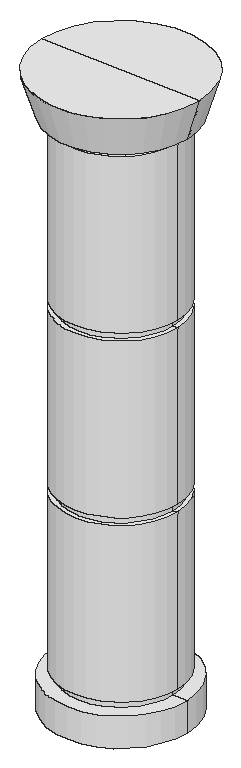
Revit family
Parameters (values of type "600mm Diameter")
  Keynote = "G"
  Base = 152.00 mm
  Capital = 203.00 mm
  Diameter = 600.00 mm
  Material = Metal - Aluminum
  Joint Depth = 25.00 mm
  Joint Width = 38.00 mm
  Offset base level = 0.00 mm
  Offset top level = 0.00 mm
Reference planes
  plane 1: y = 0
  plane 2: z = 0
  plane 3: x = 0
  plane 4: x = -300
  plane 5: x = 300
  plane 6: y = 300
  plane 7: y = -300
  plane 8: z = 152
  plane 9: z = 171
  plane 10: z = 190
  plane 11: z = 2778
  plane 12: z = 2797
  plane 13: z = 2759
  plane 14: z = 1909
  plane 15: z = 1040
  plane 16: z = 3000
  plane 17: z = 0
Forms (mm)
  Revolve 1, solid, material "Metal - Aluminum" <- "Material"
    sketch origin (0, 0, 0) x (1, 0, 0) y (0, 0, 1)
      loop
        line (0, 0) -> (-350.8, 0) -> (-350.8, 152) -> (-275, 152) -> (-275, 190) -> (-300, 190) -> (-300, 1021) -> (-275, 1021) -> (-275, 1059) -> (-300, 1059) -> (-300, 1890) -> (-275, 1890) -> (-275, 1928) -> (-300, 1928) -> (-300, 2759) -> (-275, 2759) -> (-275, 2797) -> (-350.8, 2797) -> (-414.3, 3000) -> (0, 3000)
      axis (0, 3000) -> (0, 0)
    angle from 0 to 360
Lines and regions (mm)
  symbolic lines, style "Columns"
    curve 1: arc (-275, 0, 0) -> (0, 275, 0) -> (275, 0, 0) r 275
    curve 2: arc (275, 0, 0) -> (0, -275, 0) -> (-275, 0, 0) r 275
    curve 3: arc (-300, 0, 0) -> (0, 300, 0) -> (300, 0, 0) r 300
    curve 4: arc (300, 0, 0) -> (0, -300, 0) -> (-300, 0, 0) r 300
  symbolic lines
    curve 5: arc (-350.8, 0, 0) -> (0, 350.8, 0) -> (350.8, 0, 0) r 350.8
    curve 6: arc (350.8, 0, 0) -> (0, -350.8, 0) -> (-350.8, 0, 0) r 350.8
Dimensions and locks
  equal spacing: plane 4, plane 3, plane 5
  equal spacing: plane 7, plane 1, plane 6
  "Diameter": plane 4 to plane 5
  "Diameter": plane 7 to plane 6
  equal spacing: plane 12, plane 11, plane 13
  equal spacing: plane 10, plane 9, plane 8
  equal spacing: plane 11, plane 14, plane 15, plane 9
  "Joint Width": plane 12 to plane 13
  equal spacing: Revolve 1 sketch curve, plane 14, Revolve 1 sketch curve
  "Joint Width": Revolve 1 sketch curve to Revolve 1 sketch curve  (x2)
  equal spacing: Revolve 1 sketch curve, plane 15, Revolve 1 sketch curve
  "Joint Width": plane 10 to plane 8
  "Joint Depth": plane 4 to Revolve 1 sketch curve  (x4)
  "Offset base level": plane 17 to level
  "Offset top level": level to plane 16
  "Base": plane 8 to plane 17
  "Capital": plane 16 to plane 12
  aligned and locked: plane 17 to Revolve 1 sketch curve
  aligned and locked: Revolve 1 sketch curve to plane 16
  aligned and locked: curve 1 to Revolve 1
  aligned and locked: curve 3 to Revolve 1
  aligned and locked: curve 5 to Revolve 1
Automatic sketch dimensions
  Revolve 1 sketch curve to plane 8 = 0.00 mm
  Revolve 1 sketch curve to plane 12 = 0.00 mm
  Revolve 1 sketch curve to plane 4 = 0.00 mm  (x3)
  Revolve 1 sketch curve to plane 13 = 0.00 mm
  Revolve 1 sketch curve to plane 10 = 0.00 mm
  Revolve 1 sketch curve to plane 3 = 0.00 mm
  plane 4 to Revolve 1 sketch curve = 114.30 mm
  plane 4 to Revolve 1 sketch curve = 50.80 mm  (x2)
